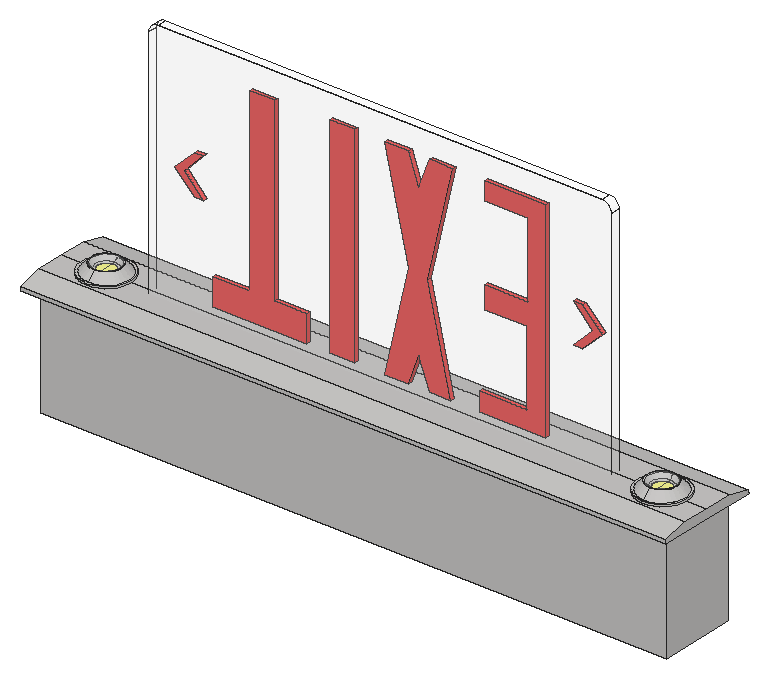
Revit family "CELC-Ceiling", category Lighting Fixtures, host Face, Revit 2021
Family settings
  Host = Face
  Round Connector Dimension = Use Diameter
  Part Type = Normal
  OmniClass Number = 23.80.70.11.21
  OmniClass Title = Emergency Lighting
  Cut with Voids When Loaded = No
  Light Source = No
  Shared = No
  Room Calculation Point = No
Parameters (values of type "CELC")
  zz Length 1 [instance] = if(Single Face, 0.200", 0.250")  # 0.200"
  Width = 2.0625"
  Watts = 3.72 W
  Wattage Comments = "3.72 W"
  Warranty = "2 year full unit warranty"  # constant formula
  Wall Plate Material = Black
  Voltage [instance] = if(Is 120VAC, 120 V, 277 V)  # 120 V
  URL = "https://www.currentlighting.com/compass"
  Type Comments = "Exit Light"  # constant formula
  Single Face = yes
  Sign = Red Glass
  Product Page URL = ""
  Product Documentation Link = ""
  Model = "CELC"
  Manufacturer = "Compass Products"  # constant formula
  Load Classification = Lighting
  Lens = Light Yellow
  Length = 16.720"
  Lamp = "LED Lamp"  # constant formula
  Is 277VAC [instance] = not(Is 120VAC)  # no
  Is 120VAC [instance] = yes
  Holder Material = Steel
  Glass = light Glass
  Finish = White
  Features = "Superior panel illumination with 6 inch Red or Green letters\r\n• LED life-cycle exceeding 10 years\r\n• Battery re-charge within 24 hours\r\n• Damp location listed 10°C to 40°C (50°F to 104°F)\r\n• Dual-voltage 120 or 277V AC, 60 Hz. input\r\n• Includes long-life Nickel Metal Hydride battery for UL recognized 90\r\nminute emergency lighting\r\n• Pre-installed directional arrow indicator with template\r\n• Provided with test switch and AC-On indicator\r\n• Canopy included for surface mount model\r\n• Matching CELEM Recessed emergency light"  # constant formula
  Double Face = no
  Description = "The CELEM Series is a recessed architectural LED based Emergency Light with adjustable LED lamps"  # constant formula
  Default Elevation = 48.000"
  Certification = "UL924 Listed for Damp Location\r\n• NFPA 101\r\n• NFPA 70\r\n• OSHA\r\n• CEC T20 Compliant"  # constant formula
  Apparent Load = Watts  # 3.72 VA
Reference planes (in)
  plane 1 "Center (Front/Back)": y = 0
  plane 2: z = 0
  plane 3 "Center (Left/Right)": x = 0
  plane 4: z = 8.2
  plane 5: x = -8.36
  plane 6: x = 8.36
  plane 7: y = 1.03125
  plane 8: y = -1.03125
  plane 9: y = 1.375
  plane 10: y = -1.375
  plane 11: z = 0.5
  plane 12: x = -8.62
  plane 13: x = 8.62
  plane 14: z = -2.98
Forms (in)
  Extrusion 1, solid, material "Steel" <- "Holder Material"
    sketch origin (0, 0, 0) x (1, 0, 0) y (0, 1, 0)
      loop
        line (-8.36, 1.03125) -> (-8.36, -1.03125) -> (8.36, -1.03125) -> (8.36, 1.03125) -> (-8.36, 1.03125)
    from 0 to -2.98
  Extrusion 2, solid, material "Steel" <- "Holder Material"
    sketch origin (0, 0, 0) x (0, 1, 0) y (0, 0, 1)
      loop
        line (0, 0) -> (1.375, 0) -> (1.375, 0.1) -> (0.75, 0.25) -> (0, 0.25) -> (-0.75, 0.25) -> (-1.375, 0.1) -> (-1.375, 0) -> (0, 0)
    from -8.62 to 8.62
  Revolve 3, solid, material "Steel" <- "Holder Material"
    sketch origin (7.42, 0, 0) x (0, 1, 0) y (0, 0, 1)
      loop
        line (0, 0.25) -> (0, 0.36238) -> (-0.24529, 0.36238)
        arc (-0.24529, 0.36238) -> (-0.26556, 0.37846) -> (-0.28583, 0.36238) r 0.02081
        line (-0.28583, 0.36238) -> (-0.36694, 0.49219) -> (-0.40004, 0.49219) -> (-0.60116, 0.29106) -> (-0.66358, 0.29106) -> (-0.66358, 0.25) -> (0, 0.25)
      axis (0, 0.49219) -> (0, 0.25)
    angle from 0 to 360
  Extrusion 4, solid, material "light Glass" <- "Glass"
    sketch origin (0.42188, 0, 0) x (1, 0, 0) y (0, 1, 0)
      loop
        circle (-7.84437, 0) r 0.40004
      loop
        circle (6.99281, 0) r 0.40004
    from 0.49219 to 0.5
  Revolve 5, solid, material "Light Yellow" <- "Lens"
    sketch origin (7.42188, 0, 0) x (0, 1, 0) y (0, 0, 1)
      loop
        line (0, 0.34871) -> (0, 0.37954)
        arc (0, 0.37954) -> (-0.15992, 0.37335) -> (-0.31805, 0.34871) r 1.38132
        line (-0.31805, 0.34871) -> (0, 0.34871)
      axis (0, 0.37954) -> (0, 0.34017)
    angle from 0 to 360
  Extrusion 6, solid, material "light Glass"
    sketch origin (0, 0, 0) x (1, 0, 0) y (0, 0, 1)
      loop
        line (-6.18, 0) -> (6.18, 0) -> (6.18, 6.5)
        arc (6.18, 6.5) -> (6.10678, 6.67678) -> (5.93, 6.75) r 0.25
        line (5.93, 6.75) -> (-5.93, 6.75)
        arc (-5.93, 6.75) -> (-6.10678, 6.67678) -> (-6.18, 6.5) r 0.25
        line (-6.18, 6.5) -> (-6.18, 0)
    from -0.13 to 0.13
  Revolve 7, solid, material "Steel" <- "Holder Material"
    sketch origin (-7.42, 0, 0) x (0, 1, 0) y (0, 0, -1)
      loop
        line (0, -0.25) -> (-0.66358, -0.25) -> (-0.66358, -0.29106) -> (-0.60116, -0.29106) -> (-0.40004, -0.49219) -> (-0.36694, -0.49219) -> (-0.28583, -0.36238)
        arc (-0.28583, -0.36238) -> (-0.26556, -0.37846) -> (-0.24529, -0.36238) r 0.02081
        line (-0.24529, -0.36238) -> (0, -0.36238) -> (0, -0.25)
      axis (0, -0.49219) -> (0, -0.25)
    angle from 0 to 360
  Revolve 8, solid, material "Light Yellow" <- "Lens"
    sketch origin (-7.42187, 0, 0) x (0, 1, 0) y (0, 0, -1)
      loop
        line (0, -0.34871) -> (-0.31805, -0.34871)
        arc (-0.31805, -0.34871) -> (-0.15992, -0.37335) -> (0, -0.37954) r 1.38132
        line (0, -0.37954) -> (0, -0.34871)
      axis (0, -0.37954) -> (0, -0.34017)
    angle from 0 to 360
  Extrusion 9, solid, material "Red Glass" <- "Sign"
    sketch origin (0, 0, 0) x (1, 0, 0) y (0, 0, 1)
      loop
        line (2.77177, 6.07448) -> (2.77177, 5.59334) -> (3.90922, 5.59334) -> (3.90922, 3.58995) -> (2.77177, 3.58995) -> (2.77177, 2.98453) -> (3.89036, 3) -> (3.89036, 1) -> (2.64036, 1) -> (2.64036, 0.5) -> (4.39036, 0.5) -> (4.39036, 6.07448) -> (2.77177, 6.07448)
      loop
        line (1.91855, 6.07343) -> (1.28797, 6.07343) -> (1.0108, 5.31189) -> (0.73362, 6.07343) -> (0.10305, 6.07343) -> (0.74629, 3.28724) -> (0.10305, 0.50106) -> (0.73362, 0.50106) -> (1.0108, 1.2626) -> (1.28797, 0.50106) -> (1.86839, 0.50106) -> (1.25023, 3.17862) -> (1.91855, 6.07343)
      loop
        line (-1.37557, 6.08998) -> (-1.37557, 0.50106) -> (-0.70595, 0.50106) -> (-0.70595, 6.08998) -> (-1.37557, 6.08998)
      loop
        line (-1.98045, 0.50106) -> (-1.98045, 1.23258) -> (-2.85276, 1.23258) -> (-2.85276, 6.02748) -> (-3.52238, 6.02748) -> (-3.52238, 1.23258) -> (-4.49222, 1.23258) -> (-4.49222, 0.50106) -> (-1.98045, 0.50106)
      loop
        line (5.12931, 4.03595) -> (5.65964, 3.50562) -> (5.12931, 2.97529) -> (5.37931, 2.97529) -> (5.90964, 3.50562) -> (5.37931, 4.03595) -> (5.12931, 4.03595)
      loop
        line (-4.7287, 4.03595) -> (-4.9787, 4.03595) -> (-5.50903, 3.50562) -> (-4.9787, 2.97529) -> (-4.7287, 2.97529) -> (-5.25903, 3.50562) -> (-4.7287, 4.03595)
    from 0 to 0.1
Dimensions and locks (in)
  plane 4 to plane 2 = 8.200"
  equal spacing: plane 8, plane 1 "Center (Front/Back)", plane 7
  "Width": plane 8 to plane 7
  equal spacing: plane 5, plane 3 "Center (Left/Right)", plane 6
  "Length": plane 5 to plane 6
  aligned and locked: plane 2 to host face
  aligned and locked: level to host face
  aligned and locked: Extrusion 2 to plane 12
  aligned and locked: plane 13 to Extrusion 2
Automatic sketch dimensions
  host sketch curve to host sketch curve = 96.000"  (x2)
  Extrusion 1 sketch curve to plane 5 = 0.000"
  Extrusion 1 sketch curve to plane 6 = 0.000"
  plane 8 to Extrusion 1 sketch curve = 0.000"
  plane 7 to Extrusion 1 sketch curve = 0.000"
  Extrusion 2 sketch curve to plane 10 = 0.000"
  Extrusion 2 sketch curve to level = 0.000"
  Extrusion 2 sketch curve to plane 1 "Center (Front/Back)" = 0.000"  (x2)
  Extrusion 2 sketch curve to plane 9 = 0.000"
  Extrusion 2 sketch curve to plane 8 = 0.28125"
  plane 7 to Extrusion 2 sketch curve = 0.28125"
  Extrusion 2 sketch curve to Extrusion 2 sketch curve = 0.100"  (x2)
  level to Extrusion 2 sketch curve = 0.250"
  Revolve 3 sketch curve to plane 1 "Center (Front/Back)" = 0.000"  (x2)
  plane 1 "Center (Front/Back)" to Revolve 3 sketch curve = 0.24529"
  Revolve 3 sketch curve to Revolve 3 sketch curve = 0.02027"  (x2)
  Revolve 3 sketch curve to plane 11 = 0.13762"
  Revolve 3 sketch curve to plane 11 = 0.00781"
  Revolve 3 sketch curve to Revolve 3 sketch curve = 0.08111"
  Revolve 3 sketch curve to Revolve 3 sketch curve = 0.0331"
  Revolve 3 sketch curve to plane 11 = 0.20894"
  Revolve 3 sketch curve to Revolve 3 sketch curve = 0.20112"
  Revolve 3 sketch curve to Revolve 3 sketch curve = 0.06242"
  Revolve 3 sketch curve to Revolve 3 sketch curve = 0.04106"
  Revolve 3 sketch curve to Revolve 3 sketch curve = 0.00473"
  Revolve 3 sketch curve to level = 24.000"
  plane 4 to Revolve 3 sketch curve = 31.70263"
  Extrusion 4 sketch curve to Extrusion 4 sketch curve = 0.000"  (x4)
  plane 1 "Center (Front/Back)" to Extrusion 4 sketch curve = 0.000"  (x2)
  plane 5 to Extrusion 4 sketch curve = 0.9375"
  Extrusion 4 sketch curve to plane 6 = 0.94531"
  Extrusion 4 sketch curve to Extrusion 4 sketch curve = 0.40004"  (x2)
  Revolve 5 sketch curve to plane 1 "Center (Front/Back)" = 0.000"  (x2)
  plane 1 "Center (Front/Back)" to Revolve 5 sketch curve = 0.02667"
  Revolve 5 sketch curve to plane 11 = 0.15129"
  plane 1 "Center (Front/Back)" to Revolve 5 sketch curve = 0.31805"
  Revolve 5 sketch curve to level = 1.00153"
  Revolve 5 sketch curve to Revolve 5 sketch curve = 22.99847"
  plane 4 to Revolve 5 sketch curve = 31.70263"
  Extrusion 6 sketch curve to level = 0.000"
  plane 5 to Extrusion 6 sketch curve = 2.180"
  Extrusion 6 sketch curve to Extrusion 6 sketch curve = 0.250"
  Extrusion 6 sketch curve to plane 4 = 1.450"
  Extrusion 6 sketch curve to plane 6 = 2.430"
  Extrusion 6 sketch curve to plane 6 = 2.180"
  Revolve 7 sketch curve to plane 1 "Center (Front/Back)" = 0.000"  (x2)
  plane 1 "Center (Front/Back)" to Revolve 7 sketch curve = 0.24529"
  Revolve 7 sketch curve to Revolve 7 sketch curve = 0.02027"  (x2)
  Revolve 7 sketch curve to plane 11 = 0.13762"
  Revolve 7 sketch curve to plane 11 = 0.00781"
  Revolve 7 sketch curve to Revolve 7 sketch curve = 0.08111"
  Revolve 7 sketch curve to Revolve 7 sketch curve = 0.0331"
  Revolve 7 sketch curve to plane 11 = 0.20894"
  Revolve 7 sketch curve to Revolve 7 sketch curve = 0.20112"
  Revolve 7 sketch curve to Revolve 7 sketch curve = 0.06242"
  Revolve 7 sketch curve to Revolve 7 sketch curve = 0.00473"
  Revolve 7 sketch curve to Revolve 7 sketch curve = 0.04106"
  plane 4 to Revolve 7 sketch curve = 31.70263"
  Revolve 7 sketch curve to level = 24.000"
  Revolve 8 sketch curve to plane 1 "Center (Front/Back)" = 0.000"  (x2)
  plane 1 "Center (Front/Back)" to Revolve 8 sketch curve = 0.02667"
  Revolve 8 sketch curve to plane 11 = 0.15129"
  plane 1 "Center (Front/Back)" to Revolve 8 sketch curve = 0.31805"
  Revolve 8 sketch curve to Revolve 8 sketch curve = 0.03082"
  plane 4 to Revolve 8 sketch curve = 31.70263"
  Revolve 8 sketch curve to Revolve 8 sketch curve = 22.99847"
  Extrusion 9 sketch curve to plane 11 = 0.000"
  plane 5 to Extrusion 9 sketch curve = 2.85097"
  Extrusion 9 sketch curve to Extrusion 9 sketch curve = 0.250"  (x4)
  Extrusion 9 sketch curve to Extrusion 9 sketch curve = 0.28033"  (x3)
  plane 11 to Extrusion 9 sketch curve = 0.00106"  (x4)
  Extrusion 9 sketch curve to Extrusion 9 sketch curve = 0.23648"
  Extrusion 9 sketch curve to Extrusion 9 sketch curve = 1.20632"
  Extrusion 9 sketch curve to Extrusion 9 sketch curve = 0.66962"  (x2)
  Extrusion 9 sketch curve to Extrusion 9 sketch curve = 0.87231"
  Extrusion 9 sketch curve to Extrusion 9 sketch curve = 0.60488"
  plane 3 "Center (Left/Right)" to Extrusion 9 sketch curve = 0.10305"  (x2)
  Extrusion 9 sketch curve to Extrusion 9 sketch curve = 0.63057"  (x3)
  plane 3 "Center (Left/Right)" to Extrusion 9 sketch curve = 0.74629"
  Extrusion 9 sketch curve to Extrusion 9 sketch curve = 0.27718"  (x2)
  Extrusion 9 sketch curve to Extrusion 9 sketch curve = 0.50394"
  Extrusion 9 sketch curve to Extrusion 9 sketch curve = 0.55436"  (x2)
  Extrusion 9 sketch curve to Extrusion 9 sketch curve = 0.58042"
  Extrusion 9 sketch curve to Extrusion 9 sketch curve = 0.77196"
  Extrusion 9 sketch curve to Extrusion 9 sketch curve = 0.85323"
  Extrusion 9 sketch curve to Extrusion 9 sketch curve = 1.52154"
  plane 11 to Extrusion 9 sketch curve = 0.500"
  Extrusion 9 sketch curve to Extrusion 9 sketch curve = 1.250"
  Extrusion 9 sketch curve to Extrusion 9 sketch curve = 0.01886"
  Extrusion 9 sketch curve to Extrusion 9 sketch curve = 0.500"
  Extrusion 9 sketch curve to Extrusion 9 sketch curve = 1.23895"
  Extrusion 9 sketch curve to Extrusion 9 sketch curve = 0.000"  (x5)
  Extrusion 9 sketch curve to Extrusion 9 sketch curve = 0.73153"
  plane 11 to Extrusion 9 sketch curve = 0.7626"
  Extrusion 9 sketch curve to Extrusion 9 sketch curve = 1.98453"
  Extrusion 9 sketch curve to Extrusion 9 sketch curve = 0.01547"
  Extrusion 9 sketch curve to Extrusion 9 sketch curve = 0.19409"
  Extrusion 9 sketch curve to Extrusion 9 sketch curve = 0.02471"
  Extrusion 9 sketch curve to Extrusion 9 sketch curve = 1.74271"
  Extrusion 9 sketch curve to Extrusion 9 sketch curve = 0.10862"
  Extrusion 9 sketch curve to Extrusion 9 sketch curve = 0.58995"
  Extrusion 9 sketch curve to Extrusion 9 sketch curve = 0.53033"  (x2)
  Extrusion 9 sketch curve to Extrusion 9 sketch curve = 2.02465"
  Extrusion 9 sketch curve to Extrusion 9 sketch curve = 0.28145"
  Extrusion 9 sketch curve to plane 4 = 2.17252"
  Extrusion 9 sketch curve to Extrusion 9 sketch curve = 0.48009"
  Extrusion 9 sketch curve to Extrusion 9 sketch curve = 0.48114"
  Extrusion 9 sketch curve to Extrusion 9 sketch curve = 0.0625"
Nested families (in)
  nested 1: "Family1" at (7.43228, 0.10727, -53.5) x (-1, 0, 0) z (0, 0, 1), type "Family1"
  nested 2: "Family1" at (-7.43228, 0.10727, -53.5), type "Family1"
Connectors (in)
  electrical at (0, 0, -2.98), driven by "Voltage", driven by "Apparent Load"
    settings: on Extrusion 1, index 1, voltage 120 V, apparent load 3.72 VA, apparent load phase1 0 VA, apparent load phase2 0 VA, apparent load phase3 0 VA, power factor 1, load classification "Other", number of poles 1, system type 30, power factor state 1, is connector primary yes, connector utility no, sub classification motor no, connector description "Lighting Connector"
Definition of nested family "Family1"
  Parameters
    Wattage = 12.1178 W
    built-in parameter 1150110 = 1 (stored number, unit not read)
    built-in parameter 1114217 = 1 (stored number, unit not read)
    Tilt Angle = 0.00°
    built-in parameter 1150109 = 1 (stored number, unit not read)
    built-in parameter 1150134 = (empty or 0)
    built-in parameter 1150113 = 1 (stored number, unit not read)
    Photometric Web File = "CELEM.ies"
    Lumens = 1800 lm
    built-in parameter 1150115 = 1 (stored number, unit not read)
    built-in parameter 1150105 = -190950 (stored number, unit not read)
    built-in parameter 1150137 = (empty or 0)
    built-in parameter 1150139 = (empty or 0)
    built-in parameter 1150112 = 1 (stored number, unit not read)
    built-in parameter 1150114 = 1 (stored number, unit not read)
    built-in parameter 1150132 = 2
    built-in parameter 1150102 = (empty or 0)
    built-in parameter 1150138 = (empty or 0)
    built-in parameter 1150107 = 3000 (stored number, unit not read)
    built-in parameter 1150106 = -1909.5 (stored number, unit not read)
    built-in parameter 1150104 = 13.8 (stored number, unit not read)
    Dimming Lamp Color Temperature Shift = (empty or 0)
    Default Elevation = 0.000"
    Color Filter = 16777215
    built-in parameter 1114218 = 1 (stored number, unit not read)
    built-in parameter 1150133 = 10 (stored number, unit not read)
  Reference planes (in)
    plane 1 "Light Source Axis (F/B)": y = 0
    plane 2: z = 0
    plane 3 "Light Source Axis (L/R)": x = 0
    plane 4 "Light Source Elevation": z = 54
  Dimensions and locks (in)
    aligned and locked: plane 3 "Light Source Axis (L/R)" to imposter light
    aligned and locked: level to plane 2
